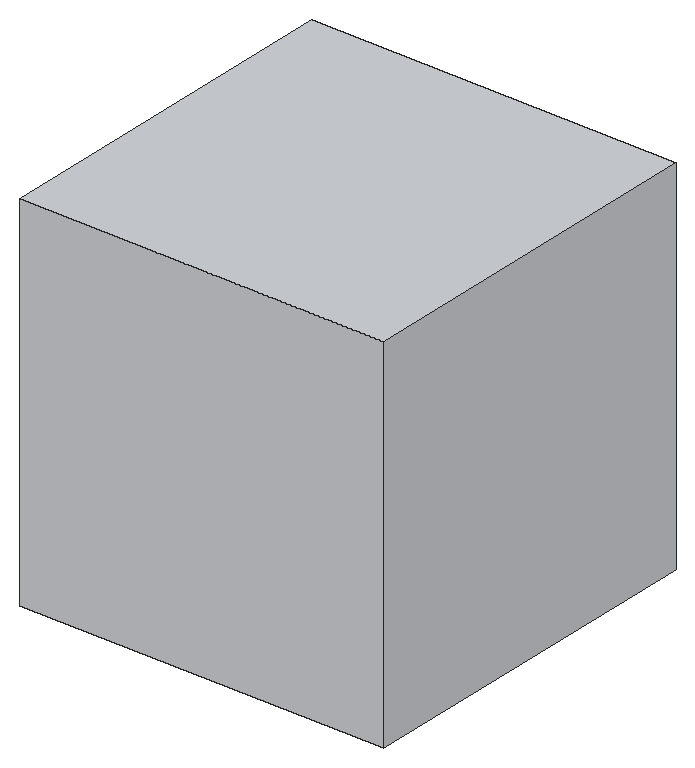
Revit family "ANT - ESERCITAZIONE 3", category Generic Models, Revit 2016
Family settings
  Part Type = Normal
  Can host rebar = No
  Round Connector Dimension = Use Diameter
  Work Plane-Based = No
  Always vertical = Yes
  Cut with Voids When Loaded = No
  Shared = No
  Room Calculation Point = No
Parameters
  LARGHEZZA = 80 cm
  C_SPESSORE [instance] = 80 cm
  C_ALTEZZA DA TERRA [instance] = 80 cm
Reference planes (cm)
  plane 1 "Center (Front/Back)": y = 0
  plane 2: z = 0
  plane 3 "Center (Left/Right)": x = 0
  plane 4 "LARGHEZZA": y = 80
  plane 5 "PROFONDITA'": x = 80
  plane 6 "BASE": z = 80
  plane 7: z = 160
Forms (cm)
  Extrusion 1, solid
    sketch origin (0, 0, 80) x (-1, 0, 0) y (0, -1, 0)
      loop
        line (0, -80) -> (0, 0) -> (-80, 0) -> (-80, -80) -> (0, -80)
    from 0 to 80
Dimensions and locks (cm)
  "LARGHEZZA": plane 3 "Center (Left/Right)" to plane 5 "PROFONDITA'"
  "LARGHEZZA": plane 4 "LARGHEZZA" to plane 1 "Center (Front/Back)"
  "C_ALTEZZA DA TERRA": plane 6 "BASE" to plane 2
  "C_SPESSORE": plane 7 to plane 6 "BASE"
  aligned and locked: level to plane 2
  aligned and locked: plane 5 "PROFONDITA'" to Extrusion 1
  aligned and locked: plane 1 "Center (Front/Back)" to Extrusion 1
  aligned and locked: Extrusion 1 to plane 3 "Center (Left/Right)"
  aligned and locked: plane 4 "LARGHEZZA" to Extrusion 1
  aligned and locked: plane 7 to Extrusion 1
Automatic sketch dimensions
  plane 5 "PROFONDITA'" to Extrusion 1 sketch curve = 0 cm
  Extrusion 1 sketch curve to plane 3 "Center (Left/Right)" = 0 cm
  plane 4 "LARGHEZZA" to Extrusion 1 sketch curve = 0 cm
  plane 1 "Center (Front/Back)" to Extrusion 1 sketch curve = 0 cm
